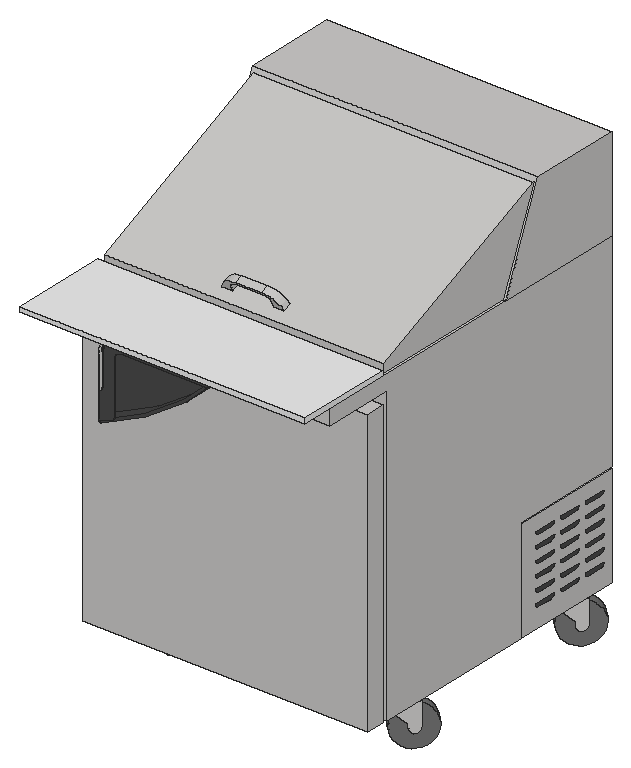
Revit family "QF_Turbo Air_TST-28SD-126986c270-1869-469c-b6e4-0a9bc6d97125", category Specialty Equipment, Revit 2012
Parameters
  Weight in Pounds = 220
  Watermarked By = "http://revitwatermark.com"
  Volts = 115 V
  URL Cutsheet = ""
  URL = "www.turboairinc.com"
  Status [instance] = ""
  Specification by User [instance] = ""
  Specification by Manufacturer [instance] = ""
  Serial Number [instance] = ""
  Revision Code [instance] = ""
  Phase = 1
  Number of Poles [instance] = 1
  NAFEM Spec ID Number [instance] = ""
  Model = "TST-28SD-12"
  Masterspec [instance] = ""
  Manufacturer = "Turbo Air"  # constant formula
  Legs [instance] = [6 inch Legs]  # no
  Item Number [instance] = "-"
  Installed By [instance] = ""
  HP = "1/4"
  Furnished By [instance] = ""
  Foodservice Equipment Identifier = yes
  FL Amps = 6.6 A
  Electrical Remarks [instance] = ""
  Electric Connection Type [instance] = ""
  Elec Conn RI Height [instance] = 0' - 0"
  Elec Conn Connection Height = 1' - 0"
  Description = "Mega Top Unit"
  Cycle = 60 Hz
  Conn Plug = "NEMA 5-15P"
  Casters [instance] = not(Legs)  # yes
  CasterLeg Height [instance] = if([4 inch Casters], 0' 5", if([5 inch Casters], 0' 5 3/4", if([2_5 inch Casters], 0' 3 3/8", 0' 6")))  # 0' - 5"
  CSI MasterFormat = "11 41 13"
  Assembly Code = "E1090320"
  Apparent Power = if(Phase = 3, Volts * FL Amps * 1.73, Volts * FL Amps)  # 759 VA
  6 inch Legs [instance] = no
  5 inch Casters [instance] = no
  4 inch Casters [instance] = yes
  2_5 inch Casters [instance] = no
Reference planes (in)
  plane 1 "BACK": y = 0
  plane 2: z = 0
  plane 3 "LEFT": x = -20.78844
  plane 4 "Bottom": z = 5
  plane 5 "Back Stops": y = 1
  plane 6 "RIGHT": x = 6.71156
  plane 7 "Door Clearance": y = -55.375
  plane 8 "Counter Top": z = 35
  plane 9 "TOP": z = 44
  plane 10 "Top of Door": z = 32.5
  plane 11 "Left of Lid": x = -20.53844
  plane 12 "Right of Lid": x = 6.46156
  plane 13 "Handle LR": x = -7.03844
  plane 14 "Lid Clearance": z = 50.875
  plane 15 "Front of Ledge": y = -34
  plane 16 "FRONT": y = -37
  plane 17 "Front of Door": y = -29.5
  plane 18 "Front of Box": y = -27.125
Forms (in)
  Extrusion 1, solid, material "QF_Finishes_Stainless Steel"
    sketch origin (-20.78844, 0, 0) x (0, 1, 0) y (0, 0, 1)
      loop
        line (0, 5) -> (0, 35) -> (-34, 35) -> (-34, 33.5) -> (-27.125, 33.5) -> (-27.125, 5) -> (0, 5)
    from 0 to 27.5
  Extrusion 2, solid, material "QF_Finishes_Black"
    sketch origin (0, -27.125, 0) x (1, 0, 0) y (0, 0, 1)
      loop
        line (-19.78844, 31.5) -> (-19.78844, 6) -> (5.71156, 6) -> (5.71156, 31.5) -> (-19.78844, 31.5)
    from 0 to 0.5
  Extrusion 3, solid, material "QF_Finishes_Stainless Steel"
    sketch origin (-20.78844, 0, 0) x (0, 1, 0) y (0, 0, 1)
      loop
        line (0, 35) -> (0, 44) -> (-8.875, 44) -> (-12.8125, 35) -> (0, 35)
    from 0 to 27.5
  Extrusion 4, solid, material "QF_Finishes_Stainless Steel"
    sketch origin (-20.53844, 0, 0) x (0, 1, 0) y (0, 0, 1)
      loop
        line (-12.8125, 35) -> (-9.07541, 43.54192) -> (-27.125, 35.75) -> (-27.125, 35) -> (-12.8125, 35)
    from 0 to 27
  Extrusion 5, solid, material "QF_Finishes_Stainless Steel"
    sketch origin (-8.25, -9.80904, -0.49896) x (1, 0, 0) y (0, -0.396341, 0.918103)
      loop
        line (3.21156, 40.14331) -> (4.21156, 40.14331)
        arc (4.21156, 40.14331) -> (3.53685, 41.04872) -> (2.46156, 41.39331) r 1.85
        line (2.46156, 41.39331) -> (-0.03844, 41.39331)
        arc (-0.03844, 41.39331) -> (-1.11373, 41.04872) -> (-1.78844, 40.14331) r 1.85
        line (-1.78844, 40.14331) -> (-0.78844, 40.14331) -> (-0.78844, 40.64331)
        arc (-0.78844, 40.64331) -> (-0.64199, 40.99687) -> (-0.28844, 41.14331) r 0.5
        line (-0.28844, 41.14331) -> (2.71156, 41.14331)
        arc (2.71156, 41.14331) -> (3.06511, 40.99687) -> (3.21156, 40.64331) r 0.5
        line (3.21156, 40.64331) -> (3.21156, 40.14331)
    from -0.375 to 0.375
  Extrusion 6, void
    sketch origin (6.71156, 0, 0) x (0, 1, 0) y (0, 0, 1)
      loop
        line (0, 5) -> (0, 15) -> (-11, 15) -> (-11, 5) -> (0, 5)
    from 0 to -1
  Extrusion 7, solid, material "QF_Finishes_Stainless Steel"
    sketch origin (6.71156, 0, 0) x (0, 1, 0) y (0, 0, 1)
      loop
        line (-10.875, 14.875) -> (-10.875, 5) -> (0, 5) -> (0, 14.875) -> (-10.875, 14.875)
      loop
        arc (-9.25, 13.5) -> (-9.10355, 13.14645) -> (-8.75, 13) r 0.5
        line (-8.75, 13) -> (-7.25, 13)
        arc (-7.25, 13) -> (-6.89645, 13.14645) -> (-6.75, 13.5) r 0.5
        line (-6.75, 13.5) -> (-9.25, 13.5)
      loop
        arc (-6.25, 13.5) -> (-6.10355, 13.14645) -> (-5.75, 13) r 0.5
        line (-5.75, 13) -> (-4.25, 13)
        arc (-4.25, 13) -> (-3.89645, 13.14645) -> (-3.75, 13.5) r 0.5
        line (-3.75, 13.5) -> (-6.25, 13.5)
      loop
        arc (-3.25, 13.5) -> (-3.10355, 13.14645) -> (-2.75, 13) r 0.5
        line (-2.75, 13) -> (-1.25, 13)
        arc (-1.25, 13) -> (-0.89645, 13.14645) -> (-0.75, 13.5) r 0.5
        line (-0.75, 13.5) -> (-3.25, 13.5)
      loop
        arc (-9.25, 12.25) -> (-9.10355, 11.89645) -> (-8.75, 11.75) r 0.5
        line (-8.75, 11.75) -> (-7.25, 11.75)
        arc (-7.25, 11.75) -> (-6.89645, 11.89645) -> (-6.75, 12.25) r 0.5
        line (-6.75, 12.25) -> (-9.25, 12.25)
      loop
        arc (-6.25, 12.25) -> (-6.10355, 11.89645) -> (-5.75, 11.75) r 0.5
        line (-5.75, 11.75) -> (-4.25, 11.75)
        arc (-4.25, 11.75) -> (-3.89645, 11.89645) -> (-3.75, 12.25) r 0.5
        line (-3.75, 12.25) -> (-6.25, 12.25)
      loop
        arc (-3.25, 12.25) -> (-3.10355, 11.89645) -> (-2.75, 11.75) r 0.5
        line (-2.75, 11.75) -> (-1.25, 11.75)
        arc (-1.25, 11.75) -> (-0.89645, 11.89645) -> (-0.75, 12.25) r 0.5
        line (-0.75, 12.25) -> (-3.25, 12.25)
      loop
        arc (-9.25, 11) -> (-9.10355, 10.64645) -> (-8.75, 10.5) r 0.5
        line (-8.75, 10.5) -> (-7.25, 10.5)
        arc (-7.25, 10.5) -> (-6.89645, 10.64645) -> (-6.75, 11) r 0.5
        line (-6.75, 11) -> (-9.25, 11)
      loop
        arc (-6.25, 11) -> (-6.10355, 10.64645) -> (-5.75, 10.5) r 0.5
        line (-5.75, 10.5) -> (-4.25, 10.5)
        arc (-4.25, 10.5) -> (-3.89645, 10.64645) -> (-3.75, 11) r 0.5
        line (-3.75, 11) -> (-6.25, 11)
      loop
        arc (-3.25, 11) -> (-3.10355, 10.64645) -> (-2.75, 10.5) r 0.5
        line (-2.75, 10.5) -> (-1.25, 10.5)
        arc (-1.25, 10.5) -> (-0.89645, 10.64645) -> (-0.75, 11) r 0.5
        line (-0.75, 11) -> (-3.25, 11)
      loop
        arc (-9.25, 9.75) -> (-9.10355, 9.39645) -> (-8.75, 9.25) r 0.5
        line (-8.75, 9.25) -> (-7.25, 9.25)
        arc (-7.25, 9.25) -> (-6.89645, 9.39645) -> (-6.75, 9.75) r 0.5
        line (-6.75, 9.75) -> (-9.25, 9.75)
      loop
        arc (-6.25, 9.75) -> (-6.10355, 9.39645) -> (-5.75, 9.25) r 0.5
        line (-5.75, 9.25) -> (-4.25, 9.25)
        arc (-4.25, 9.25) -> (-3.89645, 9.39645) -> (-3.75, 9.75) r 0.5
        line (-3.75, 9.75) -> (-6.25, 9.75)
      loop
        arc (-3.25, 9.75) -> (-3.10355, 9.39645) -> (-2.75, 9.25) r 0.5
        line (-2.75, 9.25) -> (-1.25, 9.25)
        arc (-1.25, 9.25) -> (-0.89645, 9.39645) -> (-0.75, 9.75) r 0.5
        line (-0.75, 9.75) -> (-3.25, 9.75)
      loop
        arc (-9.25, 8.5) -> (-9.10355, 8.14645) -> (-8.75, 8) r 0.5
        line (-8.75, 8) -> (-7.25, 8)
        arc (-7.25, 8) -> (-6.89645, 8.14645) -> (-6.75, 8.5) r 0.5
        line (-6.75, 8.5) -> (-9.25, 8.5)
      loop
        arc (-6.25, 8.5) -> (-6.10355, 8.14645) -> (-5.75, 8) r 0.5
        line (-5.75, 8) -> (-4.25, 8)
        arc (-4.25, 8) -> (-3.89645, 8.14645) -> (-3.75, 8.5) r 0.5
        line (-3.75, 8.5) -> (-6.25, 8.5)
      loop
        arc (-3.25, 8.5) -> (-3.10355, 8.14645) -> (-2.75, 8) r 0.5
        line (-2.75, 8) -> (-1.25, 8)
        arc (-1.25, 8) -> (-0.89645, 8.14645) -> (-0.75, 8.5) r 0.5
        line (-0.75, 8.5) -> (-3.25, 8.5)
      loop
        arc (-9.25, 7.25) -> (-9.10355, 6.89645) -> (-8.75, 6.75) r 0.5
        line (-8.75, 6.75) -> (-7.25, 6.75)
        arc (-7.25, 6.75) -> (-6.89645, 6.89645) -> (-6.75, 7.25) r 0.5
        line (-6.75, 7.25) -> (-9.25, 7.25)
      loop
        arc (-6.25, 7.25) -> (-6.10355, 6.89645) -> (-5.75, 6.75) r 0.5
        line (-5.75, 6.75) -> (-4.25, 6.75)
        arc (-4.25, 6.75) -> (-3.89645, 6.89645) -> (-3.75, 7.25) r 0.5
        line (-3.75, 7.25) -> (-6.25, 7.25)
      loop
        arc (-3.25, 7.25) -> (-3.10355, 6.89645) -> (-2.75, 6.75) r 0.5
        line (-2.75, 6.75) -> (-1.25, 6.75)
        arc (-1.25, 6.75) -> (-0.89645, 6.89645) -> (-0.75, 7.25) r 0.5
        line (-0.75, 7.25) -> (-3.25, 7.25)
    from 0 to -1
  Extrusion 8, solid, material "QF_Finishes_Black"
    sketch origin (6.71156, 0, 0) x (0, 1, 0) y (0, 0, 1)
      loop
        line (-9.875, 13.95221) -> (-9.875, 6.20221) -> (-0.375, 6.20221) -> (-0.375, 13.95221) -> (-9.875, 13.95221)
    from -0.125 to -1
  Extrusion 9, solid, material "QF_Finishes_Black"
    sketch origin (0, 0, 0) x (1, 0, 0) y (0, 0, 1)
      loop
        circle (-14.66344, 30.1875) r 0.5
      loop
        circle (0.58656, 30.1875) r 0.5
    from 0 to -1
  Extrusion 10, solid, material "QF_Finishes_Stainless Steel"
    sketch origin (0, 0, 0) x (1, 0, 0) y (0, 0, 1)
      loop
        circle (2.71156, 11.125) r 0.25
    from 0 to -0.0625
  Extrusion 11, solid, material "QF_Finishes_White"
    sketch origin (-20.78844, 0, 0) x (0, 1, 0) y (0, 0, 1)
      loop
        line (-37, 35) -> (-27.625, 35) -> (-27.625, 35.5) -> (-37, 35.5) -> (-37, 35)
    from 0 to 27.5
  Extrusion 12, solid, material "QF_Finishes_Clearances", detail levels coarse
    sketch origin (-20.53844, -42.87392, 15.10212) x (0, 0.292372, -0.956305) y (0, 0.956305, 0.292372)
      loop
        arc (-26.28823, 35.61917) -> (-23.18014, 26.46585) -> (-15.14113, 21.09762) r 15.03231
        line (-15.14113, 21.09762) -> (-17.27356, 40.26077) -> (-26.28823, 36.36917) -> (-26.28823, 35.61917)
    from 0 to 27
Cuts and joins
  Extrusion 6 cuts Extrusion 1
Lines and regions (in)
  symbolic lines
    curve 1: line (-20.78844, 0, 35) -> (6.71156, 0, 35)
    curve 2: line (-20.78844, -37, 35) -> (-20.78844, 0, 35)
    curve 3: line (6.71156, -37, 35) -> (-20.78844, -37, 35)
    curve 4: line (6.71156, 0, 35) -> (6.71156, -37, 35)
    curve 5: line (0.08656, 1, 35) -> (1.08656, 1, 35)
    curve 6: line (-15.16344, 1, 35) -> (-14.16344, 1, 35)
    curve 7: line (-15.16344, 1, 35) -> (-15.16344, 0, 35)
    curve 8: line (-14.16344, 1, 35) -> (-14.16344, 0, 35)
    curve 9: line (0.08656, 1, 35) -> (0.08656, 0, 35)
    curve 10: line (1.08656, 1, 35) -> (1.08656, 0, 35)
    curve 11: line (-9.03844, -25.37519, 35) -> (-10.03844, -25.37519, 35)
    curve 12: line (-10.03844, -25.37519, 35) -> (-10.03844, -26.07034, 35)
    curve 13: line (-9.03844, -25.58383, 35) -> (-9.03844, -25.37519, 35)
    curve 14: line (-5.30859, -26.55919, 35) -> (-8.27933, -26.55919, 35)
    curve 15: line (-5.62594, -25.77153, 35) -> (-8.53388, -25.77153, 35)
    curve 16: line (-5.03844, -25.37519, 35) -> (-5.03844, -25.56289, 35)
    curve 17: line (-4.03844, -25.37519, 35) -> (-5.03844, -25.37519, 35)
    curve 18: line (-4.03844, -26.07034, 35) -> (-4.03844, -25.37519, 35)
    curve 19: spline (-4.03844, -26.07034, 35) -> (-4.09536, -26.14047, 35) -> (-4.16413, -26.20706, 35) -> (-4.24407, -26.26945, 35) -> (-4.33442, -26.32703, 35) -> (-4.43427, -26.37924, 35) -> (-4.54267, -26.42556, 35) -> (-4.65854, -26.46556, 35) -> (-4.78077, -26.49882, 35) -> (-4.90815, -26.52504, 35) -> (-5.03944, -26.54395, 35) -> (-5.17335, -26.55537, 35) -> (-5.30859, -26.55919, 35)
    curve 20: spline (-8.53388, -25.77153, 35) -> (-8.59974, -25.76992, 35) -> (-8.66447, -25.76513, 35) -> (-8.72697, -25.75724, 35) -> (-8.78616, -25.74638, 35) -> (-8.84104, -25.73274, 35) -> (-8.89066, -25.71655, 35) -> (-8.93418, -25.69809, 35) -> (-8.97084, -25.67768, 35) -> (-9.00003, -25.65566, 35) -> (-9.02125, -25.63241, 35) -> (-9.03412, -25.60833, 35) -> (-9.03844, -25.58383, 35)
    curve 21: spline (-5.03844, -25.56289, 35) -> (-5.04347, -25.59012, 35) -> (-5.05846, -25.61689, 35) -> (-5.08316, -25.64273, 35) -> (-5.11715, -25.66721, 35) -> (-5.15985, -25.6899, 35) -> (-5.21052, -25.71042, 35) -> (-5.26829, -25.72841, 35) -> (-5.33219, -25.74358, 35) -> (-5.40112, -25.75565, 35) -> (-5.47389, -25.76442, 35) -> (-5.54926, -25.76974, 35) -> (-5.62594, -25.77153, 35)
    curve 22: spline (-8.27933, -26.55919, 35) -> (-8.47404, -26.5553, 35) -> (-8.66656, -26.54368, 35) -> (-8.85475, -26.52446, 35) -> (-9.03647, -26.49785, 35) -> (-9.2097, -26.46415, 35) -> (-9.3725, -26.42374, 35) -> (-9.52303, -26.37708, 35) -> (-9.65961, -26.32468, 35) -> (-9.7807, -26.26714, 35) -> (-9.88495, -26.20509, 35) -> (-9.97118, -26.13925, 35) -> (-10.03844, -26.07034, 35)
    curve 121: line (-20.78844, -27.625, 35) -> (6.71156, -27.625, 35)
    curve 122: line (-20.78844, -27.125, 35) -> (6.71156, -27.125, 35)
    curve 123: line (-20.78844, -8.875, 35) -> (6.71156, -8.875, 35)
    curve 124: line (-20.53844, -27.125, 35) -> (-20.53844, -8.875, 35)
    curve 125: line (6.46156, -27.125, 35) -> (6.46156, -8.875, 35)
  symbolic lines, style "QF_Clearances", detail levels coarse
    curve 23: line (6.71156, -37, 35) -> (6.71156, -55.375, 35)
    curve 24: arc (6.71156, -55.375, 35) -> (-9.1836, -50.31589, 35) -> (-19.23038, -37, 35) r 27.5
  symbolic lines, style "QF_Surface Details"
    curve 25: line (-20.16344, -17.48748, 35) -> (-20.16344, -13.49564, 35)
    curve 26: line (-14.16344, -17.58908, 35) -> (-14.16344, -13.59725, 35)
    curve 27: line (-15.16344, -12.59725, 35) -> (-19.26505, -12.59725, 35)
    curve 28: line (-15.06183, -18.48748, 35) -> (-19.16344, -18.48748, 35)
    curve 29: arc (-19.26505, -12.59725, 35) -> (-19.90031, -12.86038, 35) -> (-20.16344, -13.49564, 35) r 0.89839
    curve 30: arc (-15.16344, -12.59725, 35) -> (-14.45633, -12.89014, 35) -> (-14.16344, -13.59725, 35) r 1
    curve 31: arc (-14.16344, -17.58908, 35) -> (-14.42657, -18.22434, 35) -> (-15.06183, -18.48748, 35) r 0.89839
    curve 32: arc (-19.16344, -18.48748, 35) -> (-19.87055, -18.19458, 35) -> (-20.16344, -17.48748, 35) r 1
    curve 33: line (-7.41344, -17.58908, 35) -> (-7.41344, -13.59725, 35)
    curve 34: line (-13.41344, -17.58908, 35) -> (-13.41344, -13.59725, 35)
    curve 35: line (-12.41344, -12.59725, 35) -> (-8.41344, -12.59725, 35)
    curve 36: line (-12.41344, -18.58908, 35) -> (-8.41344, -18.58908, 35)
    curve 37: arc (-8.41344, -12.59725, 35) -> (-7.70633, -12.89014, 35) -> (-7.41344, -13.59725, 35) r 1
    curve 38: arc (-12.41344, -12.59725, 35) -> (-13.12055, -12.89014, 35) -> (-13.41344, -13.59725, 35) r 1
    curve 39: arc (-13.41344, -17.58908, 35) -> (-13.12055, -18.29619, 35) -> (-12.41344, -18.58908, 35) r 1
    curve 40: arc (-8.41344, -18.58908, 35) -> (-7.70633, -18.29619, 35) -> (-7.41344, -17.58908, 35) r 1
    curve 41: line (-7.41344, -20.58908, 35) -> (-7.41344, -24.51282, 35)
    curve 42: line (-13.41344, -20.48748, 35) -> (-13.41344, -24.58092, 35)
    curve 43: line (-12.41344, -25.58092, 35) -> (-8.48154, -25.58092, 35)
    curve 44: line (-12.51505, -19.58908, 35) -> (-8.41344, -19.58908, 35)
    curve 45: arc (-8.48154, -25.58092, 35) -> (-7.72628, -25.26808, 35) -> (-7.41344, -24.51282, 35) r 1.0681
    curve 46: arc (-12.41344, -25.58092, 35) -> (-13.12055, -25.28803, 35) -> (-13.41344, -24.58092, 35) r 1
    curve 47: arc (-13.41344, -20.48748, 35) -> (-13.15031, -19.85222, 35) -> (-12.51505, -19.58908, 35) r 0.89839
    curve 48: arc (-8.41344, -19.58908, 35) -> (-7.70633, -19.88198, 35) -> (-7.41344, -20.58908, 35) r 1
    curve 49: line (6.08656, -17.42091, 35) -> (6.08656, -13.42907, 35)
    curve 50: line (0.08656, -17.42091, 35) -> (0.08656, -13.42907, 35)
    curve 51: line (1.08656, -12.42907, 35) -> (5.08656, -12.42907, 35)
    curve 52: line (1.08656, -18.42091, 35) -> (5.08656, -18.42091, 35)
    curve 53: arc (5.08656, -12.42907, 35) -> (5.79367, -12.72197, 35) -> (6.08656, -13.42907, 35) r 1
    curve 54: arc (1.08656, -12.42907, 35) -> (0.37945, -12.72197, 35) -> (0.08656, -13.42907, 35) r 1
    curve 55: arc (0.08656, -17.42091, 35) -> (0.37945, -18.12802, 35) -> (1.08656, -18.42091, 35) r 1
    curve 56: arc (5.08656, -18.42091, 35) -> (5.79367, -18.12802, 35) -> (6.08656, -17.42091, 35) r 1
    curve 57: line (-6.66344, -17.58908, 35) -> (-6.66344, -13.59725, 35)
    curve 58: line (-0.66344, -17.52252, 35) -> (-0.66344, -13.42907, 35)
    curve 59: line (-1.66344, -12.42907, 35) -> (-5.49527, -12.42907, 35)
    curve 60: line (-1.73, -18.58908, 35) -> (-5.66344, -18.58908, 35)
    curve 61: arc (-5.49527, -12.42907, 35) -> (-6.32129, -12.77122, 35) -> (-6.66344, -13.59725, 35) r 1.16817
    curve 62: arc (-1.66344, -12.42907, 35) -> (-0.95633, -12.72197, 35) -> (-0.66344, -13.42907, 35) r 1
    curve 63: arc (-0.66344, -17.52252, 35) -> (-0.97583, -18.27669, 35) -> (-1.73, -18.58908, 35) r 1.06656
    curve 64: arc (-5.66344, -18.58908, 35) -> (-6.37055, -18.29619, 35) -> (-6.66344, -17.58908, 35) r 1
    curve 65: line (6.08656, -20.42091, 35) -> (6.08656, -24.41275, 35)
    curve 66: line (0.08656, -20.42091, 35) -> (0.08656, -24.41275, 35)
    curve 67: line (1.08656, -25.41275, 35) -> (5.08656, -25.41275, 35)
    curve 68: line (1.08656, -19.42091, 35) -> (5.08656, -19.42091, 35)
    curve 69: arc (5.08656, -25.41275, 35) -> (5.79367, -25.11986, 35) -> (6.08656, -24.41275, 35) r 1
    curve 70: arc (1.08656, -25.41275, 35) -> (0.37945, -25.11986, 35) -> (0.08656, -24.41275, 35) r 1
    curve 71: arc (0.08656, -20.42091, 35) -> (0.37945, -19.7138, 35) -> (1.08656, -19.42091, 35) r 1
    curve 72: arc (5.08656, -19.42091, 35) -> (5.79367, -19.7138, 35) -> (6.08656, -20.42091, 35) r 1
    curve 73: line (-6.66344, -20.58908, 35) -> (-6.66344, -24.51282, 35)
    curve 74: line (-0.66344, -20.42091, 35) -> (-0.66344, -24.42531, 35)
    curve 75: line (-1.66344, -25.42531, 35) -> (-5.75094, -25.42531, 35)
    curve 76: line (-1.49527, -19.58908, 35) -> (-5.66344, -19.58908, 35)
    curve 77: arc (-5.75094, -25.42531, 35) -> (-6.39618, -25.15805, 35) -> (-6.66344, -24.51282, 35) r 0.9125
    curve 78: arc (-1.66344, -25.42531, 35) -> (-0.95633, -25.13242, 35) -> (-0.66344, -24.42531, 35) r 1
    curve 79: arc (-0.66344, -20.42091, 35) -> (-0.90708, -19.83272, 35) -> (-1.49527, -19.58908, 35) r 0.83183
    curve 80: arc (-5.66344, -19.58908, 35) -> (-6.37055, -19.88198, 35) -> (-6.66344, -20.58908, 35) r 1
    curve 81: line (-20.16344, -24.47931, 35) -> (-20.16344, -20.48748, 35)
    curve 82: line (-14.16344, -24.47931, 35) -> (-14.16344, -20.48748, 35)
    curve 83: line (-15.16344, -19.48748, 35) -> (-19.16344, -19.48748, 35)
    curve 84: line (-15.16344, -25.47931, 35) -> (-19.16344, -25.47931, 35)
    curve 85: arc (-19.16344, -19.48748, 35) -> (-19.87055, -19.78037, 35) -> (-20.16344, -20.48748, 35) r 1
    curve 86: arc (-15.16344, -19.48748, 35) -> (-14.45633, -19.78037, 35) -> (-14.16344, -20.48748, 35) r 1
    curve 87: arc (-14.16344, -24.47931, 35) -> (-14.45633, -25.18642, 35) -> (-15.16344, -25.47931, 35) r 1
    curve 88: arc (-19.16344, -25.47931, 35) -> (-19.87055, -25.18642, 35) -> (-20.16344, -24.47931, 35) r 1
    curve 89: line (-20.16344, -10.59725, 35) -> (-20.16344, -6.5038, 35)
    curve 90: line (-14.16344, -10.59725, 35) -> (-14.16344, -6.60541, 35)
    curve 91: line (-15.26505, -5.5038, 35) -> (-19.16344, -5.5038, 35)
    curve 92: line (-15.16344, -11.59725, 35) -> (-19.16344, -11.59725, 35)
    curve 93: arc (-19.16344, -5.5038, 35) -> (-19.87055, -5.79669, 35) -> (-20.16344, -6.5038, 35) r 1
    curve 94: arc (-15.26505, -5.5038, 35) -> (-14.48609, -5.82645, 35) -> (-14.16344, -6.60541, 35) r 1.10161
    curve 95: arc (-14.16344, -10.59725, 35) -> (-14.45633, -11.30435, 35) -> (-15.16344, -11.59725, 35) r 1
    curve 96: arc (-19.16344, -11.59725, 35) -> (-19.87055, -11.30435, 35) -> (-20.16344, -10.59725, 35) r 1
    curve 97: line (-7.41344, -10.59725, 35) -> (-7.41344, -6.60541, 35)
    curve 98: line (-13.41344, -10.59725, 35) -> (-13.41344, -6.60541, 35)
    curve 99: line (-12.41344, -5.60541, 35) -> (-8.41344, -5.60541, 35)
    curve 100: line (-12.41344, -11.59725, 35) -> (-8.41344, -11.59725, 35)
    curve 101: arc (-8.41344, -5.60541, 35) -> (-7.70633, -5.8983, 35) -> (-7.41344, -6.60541, 35) r 1
    curve 102: arc (-12.41344, -5.60541, 35) -> (-13.12055, -5.8983, 35) -> (-13.41344, -6.60541, 35) r 1
    curve 103: arc (-13.41344, -10.59725, 35) -> (-13.12055, -11.30435, 35) -> (-12.41344, -11.59725, 35) r 1
    curve 104: arc (-8.41344, -11.59725, 35) -> (-7.70633, -11.30435, 35) -> (-7.41344, -10.59725, 35) r 1
    curve 105: line (6.08656, -10.42907, 35) -> (6.08656, -6.43724, 35)
    curve 106: line (0.08656, -10.42907, 35) -> (0.08656, -6.43724, 35)
    curve 107: line (1.08656, -5.43724, 35) -> (5.08656, -5.43724, 35)
    curve 108: line (1.08656, -11.42907, 35) -> (5.08656, -11.42907, 35)
    curve 109: arc (5.08656, -5.43724, 35) -> (5.79367, -5.73013, 35) -> (6.08656, -6.43724, 35) r 1
    curve 110: arc (1.08656, -5.43724, 35) -> (0.37945, -5.73013, 35) -> (0.08656, -6.43724, 35) r 1
    curve 111: arc (0.08656, -10.42907, 35) -> (0.37945, -11.13618, 35) -> (1.08656, -11.42907, 35) r 1
    curve 112: arc (5.08656, -11.42907, 35) -> (5.79367, -11.13618, 35) -> (6.08656, -10.42907, 35) r 1
    curve 113: line (-6.66344, -10.59725, 35) -> (-6.66344, -6.60541, 35)
    curve 114: line (-0.66344, -10.42907, 35) -> (-0.66344, -6.43724, 35)
    curve 115: line (-1.66344, -5.43724, 35) -> (-5.49527, -5.43724, 35)
    curve 116: line (-1.73, -11.49564, 35) -> (-5.76505, -11.49564, 35)
    curve 117: arc (-5.49527, -5.43724, 35) -> (-6.32129, -5.77939, 35) -> (-6.66344, -6.60541, 35) r 1.16817
    curve 118: arc (-1.66344, -5.43724, 35) -> (-0.95633, -5.73013, 35) -> (-0.66344, -6.43724, 35) r 1
    curve 119: arc (-0.66344, -10.42907, 35) -> (-0.97583, -11.18325, 35) -> (-1.73, -11.49564, 35) r 1.06656
    curve 120: arc (-5.76505, -11.49564, 35) -> (-6.40031, -11.23251, 35) -> (-6.66344, -10.59725, 35) r 0.89839
Dimensions and locks (in)
  "CasterLeg Height": plane 4 "Bottom" to plane 2
  locked: plane 1 "BACK" to plane 5 "Back Stops" at 1
  locked: plane 6 "RIGHT" to plane 3 "LEFT" at 27.5
  locked: plane 7 "Door Clearance" to plane 1 "BACK" at 55.375
  locked: plane 9 "TOP" to plane 8 "Counter Top" at 9
  locked: plane 8 "Counter Top" to plane 4 "Bottom" at 30
  locked: plane 10 "Top of Door" to plane 4 "Bottom" at 27.5
  locked: plane 10 "Top of Door" to Extrusion 2 sketch curve at 1
  locked: Extrusion 2 sketch curve to plane 3 "LEFT" at 1
  locked: Extrusion 2 sketch curve to plane 4 "Bottom" at 1
  locked: Extrusion 2 sketch curve to plane 6 "RIGHT" at 1
  locked: plane 3 "LEFT" to plane 11 "Left of Lid" at 0.25
  locked: plane 12 "Right of Lid" to plane 6 "RIGHT" at 0.25
  equal spacing: plane 11 "Left of Lid", plane 13 "Handle LR", plane 12 "Right of Lid"
  locked: plane 14 "Lid Clearance" to plane 8 "Counter Top" at 15.875
  locked: Extrusion 6 sketch curve to plane 1 "BACK" at 11
  locked: Extrusion 6 sketch curve to plane 4 "Bottom" at 10
  locked: plane 4 "Bottom" to Extrusion 7 sketch curve at 9.875
  locked: Extrusion 7 sketch curve to plane 1 "BACK" at 10.875
  locked: Extrusion 8 sketch curve to Extrusion 8 sketch curve at 7.75
  locked: Extrusion 8 sketch curve to plane 4 "Bottom" at 1.20221
  locked: Extrusion 8 sketch curve to Extrusion 8 sketch curve at 9.5
  locked: Extrusion 8 sketch curve to plane 1 "BACK" at 0.375
  locked: nested 2 to plane 1 "BACK" at 2.5625
  locked: plane 3 "LEFT" to nested 2 at 2.5
  locked: plane 3 "LEFT" to nested 3 at 2.5
  locked: nested 4 to plane 6 "RIGHT" at 2.5
  locked: nested 5 to plane 6 "RIGHT" at 2.5
  locked: nested 4 to plane 1 "BACK" at 2.5625
  locked: plane 8 "Counter Top" to Extrusion 9 sketch curve at 4.8125  (x2)
  locked: plane 6 "RIGHT" to Extrusion 9 sketch curve at 6.125
  locked: Extrusion 9 sketch curve to plane 3 "LEFT" at 6.125
  locked: Extrusion 10 sketch curve to plane 4 "Bottom" at 6.125
  locked: plane 6 "RIGHT" to Extrusion 10 sketch curve at 4
  locked: plane 15 "Front of Ledge" to plane 1 "BACK" at 34
  locked: plane 16 "FRONT" to plane 15 "Front of Ledge" at 3
  locked: plane 15 "Front of Ledge" to plane 17 "Front of Door" at 4.5
  locked: plane 17 "Front of Door" to plane 18 "Front of Box" at 2.375
  locked: Extrusion 1 sketch curve to plane 8 "Counter Top" at 1.5
  locked: Extrusion 11 sketch curve to plane 16 "FRONT" at 9.375
  locked: Extrusion 11 sketch curve to plane 8 "Counter Top" at 0.5
  locked: plane 1 "BACK" to Extrusion 3 sketch curve at 12.8125
  locked: plane 1 "BACK" to Extrusion 3 sketch curve at 8.875
  locked: plane 1 "BACK" to Extrusion 4 sketch curve at 12.8125
  locked: plane 9 "TOP" to Extrusion 4 sketch curve at 0.45808
  locked: Extrusion 4 sketch curve to plane 8 "Counter Top" at 0.75
  locked: plane 1 "BACK" to Extrusion 4 sketch curve at 9.07541
  locked: plane 14 "Lid Clearance" to Extrusion 12 sketch curve at 0.21928
  locked: plane 9 "TOP" to Extrusion 12 sketch curve at 0.60798
  locked: Extrusion 12 sketch curve to plane 8 "Counter Top" at 0.75
  locked: Extrusion 5 to plane 8 "Counter Top" at 2.65301
  locked: Extrusion 5 to plane 8 "Counter Top" at 2.35576
  aligned and locked: level to plane 2
  aligned and locked: plane 3 "LEFT" to nested 1
  aligned and locked: plane 6 "RIGHT" to nested 1
  aligned and locked: nested 1 to plane 10 "Top of Door"
  aligned and locked: Extrusion 1 sketch curve to plane 1 "BACK"
  aligned and locked: Extrusion 1 sketch curve to plane 4 "Bottom"
  aligned and locked: plane 6 "RIGHT" to Extrusion 1
  aligned and locked: Extrusion 1 sketch curve to plane 8 "Counter Top"
  aligned and locked: Extrusion 3 sketch curve to plane 9 "TOP"
  aligned and locked: plane 1 "BACK" to Extrusion 3 sketch curve
  aligned and locked: plane 6 "RIGHT" to Extrusion 3
  aligned and locked: plane 12 "Right of Lid" to Extrusion 4
  aligned and locked: Extrusion 6 sketch curve to plane 1 "BACK"
  aligned and locked: Extrusion 6 sketch curve to plane 4 "Bottom"
  aligned and locked: Extrusion 9 to plane 5 "Back Stops"
  aligned and locked: plane 1 "BACK" to curve 1
  aligned and locked: curve 4 to plane 6 "RIGHT"
  aligned and locked: plane 3 "LEFT" to curve 2
  aligned and locked: curve 5 to Extrusion 9
  aligned and locked: curve 6 to Extrusion 9
  aligned and locked: curve 11 to Extrusion 5
  aligned and locked: curve 12 to Extrusion 5
  aligned and locked: Extrusion 5 to curve 13
  aligned and locked: curve 14 to Extrusion 5
  aligned and locked: Extrusion 5 to curve 15
  aligned and locked: curve 16 to Extrusion 5
  aligned and locked: curve 17 to Extrusion 5
  aligned and locked: curve 18 to Extrusion 5
  aligned and locked: plane 15 "Front of Ledge" to Extrusion 1 sketch curve
  aligned and locked: Extrusion 1 sketch curve to plane 18 "Front of Box"
  aligned and locked: plane 16 "FRONT" to Extrusion 11 sketch curve
  aligned and locked: Extrusion 11 sketch curve to plane 8 "Counter Top"
  aligned and locked: plane 6 "RIGHT" to Extrusion 11
  aligned and locked: Extrusion 3 sketch curve to plane 8 "Counter Top"
  aligned and locked: plane 18 "Front of Box" to Extrusion 4 sketch curve
  aligned and locked: Extrusion 4 sketch curve to plane 8 "Counter Top"
  aligned and locked: Extrusion 4 to Extrusion 12 sketch curve
  aligned and locked: plane 14 "Lid Clearance" to Extrusion 12 sketch curve
  aligned and locked: plane 12 "Right of Lid" to Extrusion 12
Automatic sketch dimensions
  Extrusion 7 sketch curve to plane 1 "BACK" = 0' - 0"
  Extrusion 7 sketch curve to plane 4 "Bottom" = 0' - 0"
  Extrusion 7 sketch curve to Extrusion 7 sketch curve = 0' - 1 5/8"
  Extrusion 7 sketch curve to Extrusion 7 sketch curve = 0' - 0"  (x16)
  Extrusion 7 sketch curve to Extrusion 7 sketch curve = 0' - 0 1/2"  (x31)
  Extrusion 7 sketch curve to Extrusion 7 sketch curve = 0' - 1 1/2"  (x4)
  plane 1 "BACK" to Extrusion 7 sketch curve = 0' - 1 1/4"  (x3)
  plane 4 "Bottom" to Extrusion 7 sketch curve = 0' - 1 3/4"  (x2)
  Extrusion 7 sketch curve to Extrusion 7 sketch curve = 0' - 0 3/4"  (x15)
  Extrusion 5 sketch curve to plane 13 "Handle LR" = 0' - 3"
  Extrusion 5 sketch curve to Extrusion 5 sketch curve = 0' - 1"  (x2)
  Extrusion 5 sketch curve to Extrusion 5 sketch curve = 0' - 0 1/2"  (x3)
  Extrusion 5 sketch curve to Extrusion 5 sketch curve = 0' - 0 3/4"
  plane 13 "Handle LR" to Extrusion 5 sketch curve = 0' - 1 1/4"
  Extrusion 5 sketch curve to Extrusion 5 sketch curve = 0' - 0 1/4"
  Extrusion 5 sketch curve to Extrusion 5 sketch curve = 0' - 0"
  Extrusion 5 sketch curve to Extrusion 5 sketch curve = 0' - 0.6"
  plane 7 "Door Clearance" to curve 24 = 0' - 0"
  plane 16 "FRONT" to curve 2 = 0' - 0"
  plane 18 "Front of Box" to curve 122 = 0' - 0"
  curve 124 to plane 11 "Left of Lid" = 0' - 0"
  curve 125 to plane 12 "Right of Lid" = 0' - 0"
  curve 24 to curve 122 = 0' - 0 3/4"
  curve 121 to curve 122 = 0' - 0 1/2"
  curve 22 to curve 11 = 0' - 0.69515"
  curve 19 to curve 17 = 0' - 0.69515"
  curve 22 to curve 15 = 0' - 0.0945"
  curve 18 to curve 19 = 0' - 0.29334"
  curve 22 to curve 20 = 0' - 0.28221"
  curve 43 to plane 18 "Front of Box" = 0' - 1.54408"
  curve 15 to curve 21 = 0' - 0.20864"
  curve 84 to plane 18 "Front of Box" = 0' - 1.64569"
  curve 21 to curve 75 = 0' - 0.13758"
  curve 67 to plane 18 "Front of Box" = 0' - 1.71225"
  curve 43 to curve 46 = 0' - 1"
  curve 41 to plane 13 "Handle LR" = 0' - 0 3/8"
  curve 20 to curve 41 = 0' - 1.07101"
  curve 75 to curve 77 = 0' - 0.9125"
  plane 11 "Left of Lid" to curve 81 = 0' - 0 3/8"
  curve 88 to curve 81 = 0' - 1"
  curve 46 to curve 82 = 0' - 0.10161"
  curve 78 to curve 78 = 0' - 1"
  curve 74 to curve 70 = 0' - 0.01257"
  curve 65 to plane 12 "Right of Lid" = 0' - 0 3/8"
  curve 67 to curve 65 = 0' - 1"
  plane 13 "Handle LR" to curve 80 = 0' - 0 3/8"
  curve 77 to curve 80 = 0' - 3.92374"
  curve 48 to curve 73 = 0' - 0"
  curve 82 to curve 47 = 0' - 3.99184"
  curve 86 to curve 42 = 0' - 0"
  plane 11 "Left of Lid" to curve 85 = 0' - 1 3/8"
  curve 88 to curve 85 = 0' - 3.99184"
  curve 66 to curve 66 = 0' - 3.99184"
  curve 79 to curve 66 = 0' - 0"
  curve 65 to curve 72 = 0' - 3.99184"
  curve 48 to curve 44 = 0' - 1"
  curve 80 to curve 76 = 0' - 1"
  curve 72 to curve 72 = 0' - 1"
  curve 44 to curve 36 = 0' - 1"
  curve 76 to curve 60 = 0' - 1"
  curve 83 to curve 32 = 0' - 1"
  curve 68 to curve 56 = 0' - 1"
  curve 39 to curve 34 = 0' - 1"
  plane 13 "Handle LR" to curve 57 = 0' - 0 3/8"
  curve 64 to curve 57 = 0' - 1"
  curve 40 to plane 13 "Handle LR" = 0' - 0 3/8"
  curve 40 to curve 57 = 0' - 0"
  curve 31 to curve 34 = 0' - 0"
  curve 60 to curve 63 = 0' - 1.06656"
  plane 11 "Left of Lid" to curve 32 = 0' - 0 3/8"
  curve 32 to curve 32 = 0' - 1"
  curve 49 to plane 12 "Right of Lid" = 0' - 0 3/8"
  curve 56 to curve 49 = 0' - 1"
  curve 58 to curve 50 = 0' - 0.10161"
  curve 26 to curve 26 = 0' - 3.99184"
  curve 64 to curve 57 = 0' - 3.99184"
  curve 26 to curve 38 = 0' - 0"
  curve 37 to curve 57 = 0' - 0"
  curve 32 to curve 29 = 0' - 3.99184"
  curve 56 to curve 53 = 0' - 3.99184"
  curve 55 to curve 54 = 0' - 3.99184"
  curve 58 to curve 50 = 0' - 0"
  curve 38 to curve 35 = 0' - 1"
  curve 29 to curve 29 = 0' - 0.89839"
  curve 54 to curve 51 = 0' - 1"
  curve 62 to curve 59 = 0' - 1"
  curve 27 to curve 95 = 0' - 1"
  curve 35 to curve 104 = 0' - 1"
  curve 59 to curve 116 = 0' - 0.93344"
  curve 51 to curve 108 = 0' - 1"
  curve 104 to plane 13 "Handle LR" = 0' - 0 3/8"
  curve 100 to curve 104 = 0' - 1"
  plane 13 "Handle LR" to curve 113 = 0' - 0 3/8"
  curve 97 to curve 113 = 0' - 0"
  curve 100 to curve 98 = 0' - 1"
  curve 90 to curve 98 = 0' - 0"
  plane 11 "Left of Lid" to curve 96 = 0' - 0 3/8"
  curve 92 to curve 96 = 0' - 1"
  curve 108 to curve 111 = 0' - 1"
  curve 108 to curve 112 = 0' - 1"
  curve 114 to curve 106 = 0' - 0"
  curve 112 to curve 123 = 0' - 1.55407"
  curve 120 to curve 113 = 0' - 3.99184"
  curve 98 to curve 102 = 0' - 3.99184"
  curve 101 to curve 113 = 0' - 0"
  curve 94 to curve 102 = 0' - 0"
  curve 124 to curve 89 = 0' - 2.3712"
  curve 117 to curve 118 = 0' - 0.16817"
  curve 109 to plane 12 "Right of Lid" = 0' - 1 3/8"
  curve 125 to curve 109 = 0' - 2.43776"
  curve 114 to curve 110 = 0' - 0"
  curve 102 to curve 99 = 0' - 1"
  curve 94 to curve 91 = 0' - 1.10161"
  curve 110 to curve 110 = 0' - 1"
  curve 118 to curve 118 = 0' - 1"
  curve 53 to curve 54 = 0' - 4"
  curve 5 to plane 12 "Right of Lid" = 0' - 5 3/8"
  curve 111 to curve 51 = 0' - 0"
  curve 71 to curve 52 = 0' - 0"
  curve 5 to curve 5 = 0' - 1"
  curve 66 to curve 74 = 0' - 0 3/4"
  curve 106 to curve 119 = 0' - 0 3/4"
  curve 50 to curve 58 = 0' - 0 3/4"
  curve 19 to curve 18 = 0' - 0.1"
  curve 19 to curve 21 = 0' - 0.31735"
  plane 13 "Handle LR" to curve 22 = 0' - 0.6"
  curve 20 to curve 22 = 0' - 0 1/4"
  curve 104 to curve 100 = 0' - 4"
  curve 38 to curve 100 = 0' - 0"
  curve 11 to curve 46 = 0' - 2 3/8"
  curve 102 to curve 94 = 0' - 0 3/4"
  curve 46 to curve 82 = 0' - 0 3/4"
  plane 11 "Left of Lid" to curve 8 = 0' - 6 3/8"
  curve 34 to curve 31 = 0' - 0 3/4"
  curve 6 to curve 7 = 0' - 1"
  Extrusion 12 sketch curve to Extrusion 12 sketch curve = 0' - 4.64159"
  radius of Extrusion 9 sketch curve = 0' - 0 1/2"  (x2)
  radius of Extrusion 10 sketch curve = 0' - 0 1/4"
Nested families (in)
  nested 1: "QF_Turbo Air_TBL_Door-2" at (-8.46511, -27.625, 5) x (-1, 0, 0) z (0, 0, 1), type "QF_Turbo Air_TBL_Door-2"
    with Width 2' - 3 1/2", Symbolic Lines no, Height 2' - 3 1/2", Depth 0' - 1 13/16"
  nested 2: "FESCasterLeg" at (-18.28844, -2.5625, 0), Legs <- "Legs", Casters <- "Casters", Height <- "CasterLeg Height", type "FESCasterLeg"
    with Legs no, Height 0' - 5", Casters yes, Caster Radius 0' - 2"
  nested 3: "FESCasterLeg" at (-18.28844, -22.75, 0), Legs <- "Legs", Casters <- "Casters", Height <- "CasterLeg Height", type "FESCasterLeg"
    with Legs no, Height 0' - 5", Casters yes, Caster Radius 0' - 2"
  nested 4: "FESCasterLeg" at (4.21156, -2.5625, 0), Legs <- "Legs", Casters <- "Casters", Height <- "CasterLeg Height", type "FESCasterLeg"
    with Legs no, Height 0' - 5", Casters yes, Caster Radius 0' - 2"
  nested 5: "FESCasterLeg" at (4.21156, -22.75, 0), Legs <- "Legs", Casters <- "Casters", Height <- "CasterLeg Height", type "FESCasterLeg"
    with Legs no, Height 0' - 5", Casters yes, Caster Radius 0' - 2"
Connectors (in)
  electrical at (2.71156, 0.0625, 11.125), driven by "Number of Poles", driven by "Volts", driven by "Apparent Power"
    settings: on Extrusion 10, index 1, voltage 115 V, apparent load 759 VA, apparent load phase1 0 VA, apparent load phase2 0 VA, apparent load phase3 0 VA, power factor 1, load classification "Other", number of poles 1, system type 30, power factor state 1, is connector primary yes, connector utility no, sub classification motor no, connector description ""
Definition of nested family "QF_Turbo Air_TBL_Door-2"
  Parameters (values of type "QF_Turbo Air_TBL_Door-2")
    Width [instance] = 1' - 6"
    Watermarked By = "http://revitwatermark.com"
    Symbolic Lines [instance] = yes
    Manufacturer = "Turbo Air"  # constant formula
    Height [instance] = 2' - 3 1/2"
    Depth [instance] = 0' - 1 13/16"
  Reference planes (in)
    plane 1 "BACK": y = 0
    plane 2: z = 0
    plane 3 "LEFT": x = -15.17667
    plane 4: x = 2.82333
    plane 5 "FRONT": y = -1.8125
    plane 6: z = 27.5
  Forms (in)
    Extrusion 1, solid, material "QF_Finishes_Stainless Steel"
      sketch origin (0, 0, 0) x (1, 0, 0) y (0, 0, 1)
        loop
          line (-15.17667, 27.5) -> (-15.17667, 0) -> (2.82333, 0) -> (2.82333, 27.5) -> (-15.17667, 27.5)
        loop
          arc (1.26083, 23.75) -> (0.62013, 25.2968) -> (-0.92667, 25.9375) r 2.1875
          line (-0.92667, 25.9375) -> (-10.51602, 25.9375)
          arc (-10.51602, 25.9375) -> (-10.68463, 25.82502) -> (-10.64553, 25.62614) r 0.18261
          arc (-10.64553, 25.62614) -> (-5.27313, 21.0225) -> (1.01159, 17.7731) r 30.65514
          arc (1.01159, 17.7731) -> (1.18191, 17.79728) -> (1.26083, 17.95014) r 0.1875
          line (1.26083, 17.95014) -> (1.26083, 23.75)
      from 0 to 1.8125
    Extrusion 2, solid, material "QF_Finishes_Black"
      sketch origin (0, 0, 0) x (1, 0, 0) y (0, 0, 1)
        loop
          arc (-10.51602, 25.9375) -> (-10.68463, 25.82502) -> (-10.64553, 25.62614) r 0.18261
          arc (-10.64553, 25.62614) -> (-5.27313, 21.0225) -> (1.01159, 17.7731) r 30.65514
          arc (1.01159, 17.7731) -> (1.18191, 17.79728) -> (1.26083, 17.95014) r 0.1875
          line (1.26083, 17.95014) -> (1.26083, 23.75)
          arc (1.26083, 23.75) -> (0.62013, 25.2968) -> (-0.92667, 25.9375) r 2.1875
          line (-0.92667, 25.9375) -> (-10.51602, 25.9375)
      from 0 to 0.25
    Extrusion 3, solid, material "QF_Finishes_Black"
      sketch origin (0, -1.8125, 0) x (1, 0, 0) y (0, 0, 1)
        loop
          arc (-10.51602, 25.9375) -> (-10.68463, 25.82502) -> (-10.64553, 25.62614) r 0.18261
          arc (-10.64553, 25.62614) -> (-5.27313, 21.0225) -> (1.01159, 17.7731) r 30.65514
          arc (1.01159, 17.7731) -> (1.18191, 17.79728) -> (1.26083, 17.95014) r 0.1875
          line (1.26083, 17.95014) -> (1.26083, 23.75)
          arc (1.26083, 23.75) -> (0.62013, 25.2968) -> (-0.92667, 25.9375) r 2.1875
          line (-0.92667, 25.9375) -> (-10.51602, 25.9375)
        loop
          arc (-10.3612, 25.6875) -> (-5.1116, 21.21513) -> (1.01083, 18.04082) r 30.40514
          line (1.01083, 18.04082) -> (1.01083, 23.75)
          arc (1.01083, 23.75) -> (0.44335, 25.12002) -> (-0.92667, 25.6875) r 1.9375
          line (-0.92667, 25.6875) -> (-10.3612, 25.6875)
      from 0 to -1.5625
    Extrusion 4, solid, material "QF_Finishes_Stainless Steel"
      sketch origin (0, -1.8125, 0) x (1, 0, 0) y (0, 0, 1)
        loop
          line (0.8693, 23.74703) -> (0.8693, 20.9359)
          arc (0.8693, 20.9359) -> (0.97619, 20.67783) -> (1.23426, 20.57094) r 0.36497
          line (1.23426, 20.57094) -> (1.23426, 23.75728)
          arc (1.23426, 23.75728) -> (0.60343, 25.28026) -> (-0.91955, 25.9111) r 2.15381
          line (-0.91955, 25.9111) -> (-7.29364, 25.9111)
          arc (-7.29364, 25.9111) -> (-7.18686, 25.6533) -> (-6.92907, 25.54652) r 0.36457
          line (-6.92907, 25.54652) -> (-0.9302, 25.54652)
          arc (-0.9302, 25.54652) -> (0.34224, 25.01946) -> (0.8693, 23.74703) r 1.79949
      from 0 to 0.0625
    Extrusion 5, solid, material "QF_Finishes_Black"
      sketch origin (0, -1.8125, 0) x (1, 0, 0) y (0, 0, 1)
        loop
          line (-7.29579, 25.91713) -> (-10.23685, 25.91713)
          arc (-10.23685, 25.91713) -> (-10.4057, 25.80626) -> (-10.37109, 25.60724) r 0.18402
          arc (-10.37109, 25.60724) -> (-9.82156, 25.0362) -> (-9.25736, 24.47964) r 30.46741
          arc (-9.25736, 24.47964) -> (-9.13766, 24.40221) -> (-8.99771, 24.37509) r 0.37471
          line (-8.99771, 24.37509) -> (-0.92669, 24.37509)
          arc (-0.92669, 24.37509) -> (-0.48472, 24.19202) -> (-0.30165, 23.75005) r 0.62505
          line (-0.30165, 23.75005) -> (-0.30165, 18.75593)
          arc (-0.30165, 18.75593) -> (-0.23944, 18.54909) -> (-0.07345, 18.41087) r 0.375
          arc (-0.07345, 18.41087) -> (0.46451, 18.18804) -> (1.00663, 17.97553) r 30.46765
          arc (1.00663, 17.97553) -> (1.17982, 17.99636) -> (1.26095, 18.15079) r 0.18755
          line (1.26095, 18.15079) -> (1.26095, 20.57213)
          arc (1.26095, 20.57213) -> (0.98629, 20.66883) -> (0.87001, 20.93579) r 0.36461
          line (0.87001, 20.93579) -> (0.87001, 23.74835)
          arc (0.87001, 23.74835) -> (0.34256, 25.02175) -> (-0.93084, 25.54921) r 1.80086
          line (-0.93084, 25.54921) -> (-6.92787, 25.54921)
          arc (-6.92787, 25.54921) -> (-7.18803, 25.65697) -> (-7.29579, 25.91713) r 0.36792
      from 0 to 0.0625
  Lines and regions (in)
    symbolic lines, visible <- "Symbolic Lines"
      curve 1: line (-15.17667, 0, 25.96875) -> (2.82333, 0, 25.96875)
      curve 2: line (-15.17667, -1.8125, 25.96875) -> (-15.17667, 0, 25.96875)
      curve 3: line (2.82333, -1.8125, 25.96875) -> (-15.17667, -1.8125, 25.96875)
      curve 4: line (2.82333, 0, 25.96875) -> (2.82333, -1.8125, 25.96875)
  Dimensions and locks (in)
    "Width": plane 4 to plane 3 "LEFT"
    "Depth": plane 5 "FRONT" to plane 1 "BACK"
    "Height": plane 6 to plane 2
    locked: plane 4 to Extrusion 1 sketch curve at 3.75
    locked: plane 6 to Extrusion 1 sketch curve at 3.75
    locked: plane 6 to Extrusion 1 sketch curve at 9.54986
    locked: plane 4 to Extrusion 1 sketch curve at 1.5625
    locked: plane 6 to Extrusion 1 sketch curve at 1.5625
    locked: plane 4 to Extrusion 1 sketch curve at 13.33935
    locked: plane 6 to Extrusion 1 sketch curve at 1.87386
    locked: plane 6 to Extrusion 1 sketch curve at 9.7269
    locked: plane 4 to Extrusion 1 sketch curve at 1.81175
    locked: plane 4 to Extrusion 1 sketch curve at 13.46886
    locked: Extrusion 4 sketch curve to Extrusion 4 sketch curve at 0.36457
    locked: Extrusion 4 sketch curve to Extrusion 4 sketch curve at 0.36497
    locked: plane 4 to Extrusion 4 sketch curve at 1.58907
    locked: plane 6 to Extrusion 4 sketch curve at 1.5889
    plane 4 to Extrusion 4 sketch curve = 0' - 10.11697"
    locked: plane 4 to Extrusion 4 sketch curve at 9.7524
    locked: plane 4 to Extrusion 4 sketch curve at 3.74288
    locked: plane 4 to Extrusion 4 sketch curve at 3.75353
    locked: plane 6 to Extrusion 4 sketch curve at 3.74272
    locked: plane 6 to Extrusion 4 sketch curve at 3.75297
    locked: plane 6 to Extrusion 4 sketch curve at 6.92906
    locked: plane 6 to Extrusion 4 sketch curve at 6.5641
    locked: plane 4 to Extrusion 2 sketch curve at 3.75
    locked: plane 4 to Extrusion 2 sketch curve at 13.33935
    locked: plane 4 to Extrusion 2 sketch curve at 13.46886
    locked: plane 4 to Extrusion 2 sketch curve at 1.81175
    locked: plane 4 to Extrusion 2 sketch curve at 1.5625
    locked: plane 4 to Extrusion 5 sketch curve at 1.56238
    locked: plane 4 to Extrusion 5 sketch curve at 1.95332
    locked: plane 4 to Extrusion 5 sketch curve at 3.75417
    locked: plane 4 to Extrusion 5 sketch curve at 9.75121
    locked: plane 4 to Extrusion 5 sketch curve at 10.11912
    locked: plane 4 to Extrusion 5 sketch curve at 13.06018
    locked: plane 4 to Extrusion 5 sketch curve at 13.19443
    locked: plane 4 to Extrusion 5 sketch curve at 12.0807
    locked: plane 4 to Extrusion 5 sketch curve at 11.82104
    locked: plane 4 to Extrusion 5 sketch curve at 3.75003
    locked: plane 4 to Extrusion 5 sketch curve at 3.12498
    locked: plane 4 to Extrusion 5 sketch curve at 2.89679
    locked: plane 4 to Extrusion 5 sketch curve at 1.81671
    aligned and locked: level to plane 2
    aligned and locked: Extrusion 1 sketch curve to plane 6
    aligned and locked: plane 3 "LEFT" to Extrusion 1 sketch curve
    aligned and locked: level to Extrusion 1 sketch curve
    aligned and locked: Extrusion 1 sketch curve to plane 4
    aligned and locked: plane 5 "FRONT" to Extrusion 1
    aligned and locked: plane 1 "BACK" to curve 1
    aligned and locked: plane 3 "LEFT" to curve 2
    aligned and locked: curve 3 to plane 5 "FRONT"
    aligned and locked: curve 4 to plane 4
    aligned and locked: Extrusion 3 sketch curve to Extrusion 1  (x4)
  Automatic sketch dimensions
    plane 4 to Extrusion 1 sketch curve = 0' - 9.03101"
    Extrusion 2 sketch curve to plane 6 = 0' - 1 9/16"
    Extrusion 2 sketch curve to Extrusion 2 sketch curve = 0' - 5.79986"
    Extrusion 2 sketch curve to Extrusion 2 sketch curve = 0' - 0.31136"
    plane 4 to Extrusion 2 sketch curve = 0' - 9.03101"
    Extrusion 2 sketch curve to Extrusion 2 sketch curve = 0' - 0.17704"
    Extrusion 3 sketch curve to Extrusion 3 sketch curve = 0' - 0.12951"
    Extrusion 3 sketch curve to Extrusion 3 sketch curve = 0' - 0.15482"
    Extrusion 3 sketch curve to Extrusion 3 sketch curve = 0' - 0"  (x4)
    Extrusion 3 sketch curve to Extrusion 3 sketch curve = 0' - 0.00075"
    Extrusion 3 sketch curve to Extrusion 3 sketch curve = 0' - 0.09068"
    Extrusion 5 sketch curve to Extrusion 5 sketch curve = 0' - 0"  (x4)
    Extrusion 5 sketch curve to Extrusion 5 sketch curve = 0' - 0.00072"
    Extrusion 5 sketch curve to Extrusion 5 sketch curve = 0' - 2.81256"
    Extrusion 5 sketch curve to Extrusion 5 sketch curve = 0' - 0.36461"
    Extrusion 5 sketch curve to Extrusion 5 sketch curve = 0' - 1.8162"
    Extrusion 5 sketch curve to plane 6 = 0' - 1.89276"
    Extrusion 5 sketch curve to Extrusion 5 sketch curve = 0' - 0.14681"
    Extrusion 5 sketch curve to Extrusion 5 sketch curve = 0' - 0.06678"
    Extrusion 5 sketch curve to plane 6 = 0' - 1.58287"
Definition of nested family "FESCasterLeg"
  Parameters (values of type "FESCasterLeg")
    Watermarked By = "http://revitwatermark.com"
    Type Comments = "⍁⍉⌁⌀⏭⎽⌇⍠⌜⍉⎖⌥⌦⌯⍭⏊⍻⍿⍊⏵⍊⏗⏠⍴⎡⌈⎀⍠⌓⌤⏘⎐⍀⌐⏬⏁⎈⏍⏦⎒⏬⌝⍩⍇⌣〈⎫〉⎁⏊⍥⍖⍥⍝⍦⌖⍀⏌⏭⎝⎼⏷⏞⍻⏯⎽⏷⏞⍻⏯⎽⏷⎺⌻⎝⍎⌧⏷⏟⏿⌿⍜⍦⍤⌁⍬⏶⏎⍊⏚⏉⎞⌡⎀⎪⏈⌟⌿⍾⍼⌟⌿⌢⌞⏜⏝⎽⍷⍷⍯⍧⍷⌯⍽⏸⏨⏾⏎⌣⏺⍹⏼⏅⎏⌽⎫⎪⍙⎓⏗⎗⏅⌴⍏⍏⍿⏑⎺⍘⌭⏲⍥⎛⎾⎾⍞⍌⎪⎲⌙⎥⏏⎟⎟⏼⏘⎏⎝⏧⏍⏁⍏⍧⏯⏾⌟"
    Legs [instance] = yes
    Height [instance] = 0' - 6"
    Caster Radius [instance] = if(Height < 0' 3", 0' 1", (Height / 2) - 0' 0 1/2")  # 0' - 2 1/2"
    Casters [instance] = yes
    Assembly Code = ""
  Reference planes (in)
    plane 1 "Center (Front/Back)": y = 0
    plane 2: z = 0
    plane 3 "Center (Left/Right)": x = 0
    plane 4: z = 6
    plane 5: z = 5.5
  Forms (in)
    Extrusion 1, solid, material "QF_Finishes_Stainless Steel", visible <- "Casters"
      sketch origin (-24.12131, -22.88887, 10.18833) x (0.707107, 0.707107, 0) y (0, 0, 1)
        loop
          line (34.98772, -7.68833) -> (34.98772, -4.93833) -> (34.48772, -4.93833) -> (34.39402, -4.68833) -> (32.39402, -4.68833) -> (32.39402, -5.43833) -> (33.98772, -7.34206) -> (33.98772, -7.68833)
          arc (33.98772, -7.68833) -> (34.48772, -8.18833) -> (34.98772, -7.68833) r 0.5
      from 0 to 1.75
    Extrusion 2, solid, material "QF_Finishes_Rubber Black", visible <- "Casters"
      sketch origin (-24.32327, -23.09083, 13.31461) x (0.707107, 0.707107, 0) y (0, 0, 1)
        loop
          circle (34.77334, -10.81461) r 2.5
      from 0.375 to 1.375
    Extrusion 3, solid, material "QF_Finishes_Stainless Steel", visible <- "Casters"
      sketch origin (-7.24148, -8.48391, 0) x (0.707107, 0.707107, 0) y (0, 0, 1)
        loop
          line (10.61603, 5.5) -> (11.61603, 5.5) -> (11.61603, 6) -> (10.61603, 6) -> (10.61603, 5.5)
      from 0 to -1.75
    Blend 4, solid, material "QF_Finishes_Stainless Steel", visible <- "Legs"
      base sketch origin (0, 0, 0) x (1, 0, 0) y (0, 1, 0)
        loop
          circle (0, 0) r 0.5
      top sketch origin (0, 0, 0) x (1, 0, 0) y (0, 1, 0)
        loop
          circle (0, 0) r 1
      from 0 to 6 <- "Height"
  Lines and regions (in)
    symbolic lines, style "QF_Hidden Details", visible <- "Casters", built-in parameter 1006206 <- "Casters"
      curve 1: line (-1.26158, -0.51911, 0) -> (1.39007, 2.13254, 0)
      curve 2: line (-0.53429, -1.24639, 0) -> (2.11736, 1.40526, 0)
    symbolic lines, style "QF_Hidden Details", built-in parameter 1006206 <- "Casters", visible <- "Casters"
      curve 3: line (-1.26158, -0.51911, 0) -> (1.39007, 2.13254, 0)
      curve 4: line (-0.53429, -1.24639, 0) -> (2.11736, 1.40526, 0)
  Dimensions and locks (in)
    locked: plane 4 to plane 5 at 0.5
    "Height": plane 4 to level
    "Caster Radius": Extrusion 2 sketch curve to level
    "Caster Radius": Extrusion 1 sketch curve to level
    "Caster Radius": radius of Extrusion 2 sketch curve
    aligned and locked: plane 2 to level
    aligned: Blend 4 to Extrusion 3
    aligned and locked: plane 4 to Blend 4
    aligned and locked: Extrusion 3 to plane 5
    aligned and locked: plane 4 to Extrusion 3
    aligned and locked: plane 5 to Extrusion 1
  Automatic sketch dimensions
    plane 1 "Center (Front/Back)" to curve 3 = 0' - 0.51911"
    curve 3 to plane 3 "Center (Left/Right)" = 0' - 1.26158"
    plane 1 "Center (Front/Back)" to curve 1 = 0' - 0.51911"
    curve 1 to curve 3 = 0' - 0"  (x3)
    curve 4 to plane 3 "Center (Left/Right)" = 0' - 0.53429"
    curve 2 to curve 4 = 0' - 0"  (x2)
    plane 3 "Center (Left/Right)" to curve 3 = 0' - 1.39007"
    curve 1 to curve 4 = 0' - 0.72729"
    curve 2 to curve 1 = 0' - 0.72729"
    curve 4 to curve 2 = 0' - 0"  (x2)
    curve 2 to plane 1 "Center (Front/Back)" = 0' - 1.40526"
    curve 2 to curve 3 = 0' - 0.72729"
    plane 5 to Extrusion 1 sketch curve = 0' - 0"
    Extrusion 1 sketch curve to Extrusion 1 sketch curve = 0' - 1.5937"
    Extrusion 1 sketch curve to Extrusion 1 sketch curve = 0' - 2"
    Extrusion 1 sketch curve to Extrusion 1 sketch curve = 0' - 0.0937"
    Extrusion 1 sketch curve to Extrusion 1 sketch curve = 0' - 0 1/2"
    Extrusion 1 sketch curve to Extrusion 1 sketch curve = 0' - 0.34627"
    Extrusion 1 sketch curve to plane 5 = 0' - 0 3/4"
    Extrusion 1 sketch curve to plane 5 = 0' - 0 1/4"
    Extrusion 3 sketch curve to plane 5 = 0' - 0"
    plane 4 to Extrusion 3 sketch curve = 0' - 0"
    Extrusion 3 sketch curve to Extrusion 3 sketch curve = 0' - 1"
    plane 1 "Center (Front/Back)" to Blend 4 sketch curve = 0' - 0"  (x2)
    Blend 4 sketch curve to plane 3 "Center (Left/Right)" = 0' - 0"  (x2)
    radius of Blend 4 sketch curve = 0' - 0 1/2"
    radius of Blend 4 sketch curve = 0' - 1"
